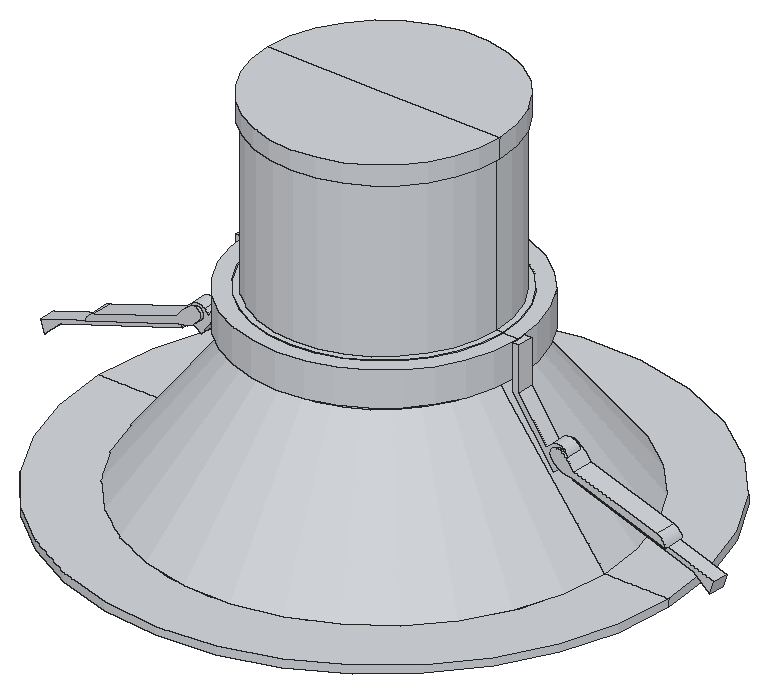
Revit family "Alcon-14123-8R-Revit-Family", category Lighting Fixtures, host Ceiling, Revit 2021
Family settings
  Host = Ceiling
  Round Connector Dimension = Use Diameter
  Part Type = Normal
  OmniClass Number = 23.80.70.11
  OmniClass Title = Luminaries for Internal Lighting
  Always vertical = Yes
  Cut with Voids When Loaded = No
  Light Source = Yes
  Shared = No
  Room Calculation Point = No
Parameters (values of type "Type 1")
  Wattage = 9.2903 W
  built-in parameter 1150110 = 1 (stored number, unit not read)
  built-in parameter 1114217 = 1 (stored number, unit not read)
  Tilt Angle = 60.00°
  built-in parameter 1150109 = 1 (stored number, unit not read)
  built-in parameter 1150134 = (empty or 0)
  built-in parameter 1150113 = 1 (stored number, unit not read)
  built-in parameter 1010507 = 1.5708 (stored number, unit not read)
  built-in parameter 1010506 = 0.5236 (stored number, unit not read)
  Product Identity = "Alcon Lighting 14123-8R"
  Manufacturer = "Alcon Light"
  Lumens = 1380 lm
  built-in parameter 1150115 = 1 (stored number, unit not read)
  built-in parameter 1150105 = 4614.1 (stored number, unit not read)
  Link To Product Page = "https://www.alconlighting.com/14123-8r.html"
  LightSource = none
  Light Source Symbol Length = 10' - 0"
  built-in parameter 1150137 = (empty or 0)
  built-in parameter 1150139 = (empty or 0)
  built-in parameter 1150112 = 1 (stored number, unit not read)
  built-in parameter 1150114 = 1 (stored number, unit not read)
  built-in parameter 1150132 = 2
  built-in parameter 1150102 = (empty or 0)
  built-in parameter 1150138 = (empty or 0)
  built-in parameter 1150107 = 3000 (stored number, unit not read)
  built-in parameter 1150106 = 46.141 (stored number, unit not read)
  Housing = none
  built-in parameter 1150104 = 13.8 (stored number, unit not read)
  Dimming Lamp Color Temperature Shift = <None>
  Default Elevation = 0' - 0"
  Color Filter = 16777215
  built-in parameter 1114218 = 1 (stored number, unit not read)
  built-in parameter 1150133 = 10 (stored number, unit not read)
Reference planes (in)
  plane 1 "Light Source Axis (F/B)": y = 0
  plane 2: z = 0
  plane 3 "Light Source Axis (L/R)": x = 0
  plane 4 "Ceiling": z = 157.79911
  plane 5 "Light Source Elevation": z = 157.10531
Forms (in)
  Revolve 1, solid, material <- "Housing"
    sketch origin (0, 0, 0) x (1, 0, 0) y (0, 0, 1)
      loop
        line (-4.61, 157.48031) -> (-4.61, 157.35531) -> (-3.49527, 157.35531) -> (-1.715, 159.63395) -> (-1.715, 160.00031) -> (-1.92838, 160.00031) -> (-1.92838, 160.39648) -> (-2.18252, 160.39648) -> (-2.18252, 159.85105) -> (-1.87735, 159.85105) -> (-1.87735, 159.65652) -> (-3.57758, 157.48031) -> (-4.61, 157.48031)
      axis (0, 160.39648) -> (0, 157.35531)
    angle from 0 to 360
  Extrusion 2, void
    sketch origin (0, 0, 157.79911) x (0, 1, 0) y (-1, 0, 0)
      loop
        circle (0, 0) r 4.61
    from -0.44379 to 2.59737
  Revolve 3, solid, material <- "Housing"
    sketch origin (0, 0, -5.45525) x (1, 0, 0) y (0, 0, 1)
      loop
        line (0, 165.45557) -> (0, 168.6529) -> (-1.87594, 168.6529) -> (-1.87594, 168.35173) -> (-1.82523, 168.35173) -> (-1.82523, 165.85173) -> (-1.92838, 165.85173) -> (-1.92838, 165.45557) -> (0, 165.45557)
      axis (0, 165.45557) -> (0, 168.6529)
    angle from 0 to 360
  Revolve 4, solid, material <- "LightSource"
    sketch origin (0, 0, -5.45525) x (1, 0, 0) y (0, 0, 1)
      loop
        line (0, 165.1929) -> (0, 165.45557) -> (-1.715, 165.45557) -> (-1.715, 165.1929) -> (0, 165.1929)
      axis (0, 165.1929) -> (0, 165.45557)
    angle from 0 to 360
  Extrusion 5, solid, material <- "Housing"
    sketch origin (-3.46114, 0, 0.52117) x (1, 0, 0) y (0, 0, 1)
      loop
        line (1.27862, 159.15923) -> (1.27862, 159.87531) -> (1.17207, 159.87531) -> (1.17207, 159.18686) -> (0.72848, 158.55335) -> (0.65806, 158.61407)
        arc (0.65806, 158.61407) -> (0.4232, 158.6012) -> (0.42711, 158.36602) r 0.16958
        line (0.42711, 158.36602) -> (0.60952, 158.23829) -> (1.27862, 159.15923)
    from -0.125 to 0.125
  Extrusion 6, solid, material <- "Housing"
    sketch origin (-152.17507, 0, 92.69058) x (0.425278, 0, -0.905063) y (0.905063, 0, 0.425278)
      loop
        arc (3.52314, 163.33393) -> (3.3916, 163.39128) -> (3.31577, 163.26946) r 0.10974
        arc (3.31577, 163.26946) -> (3.35544, 163.12014) -> (3.42507, 162.98221) r 0.74475
        line (3.42507, 162.98221) -> (3.24884, 161.58096)
        arc (3.24884, 161.58096) -> (3.26382, 161.47441) -> (3.33058, 161.39003) r 0.20555
        line (3.33058, 161.39003) -> (3.52851, 162.96384)
        arc (3.52851, 162.96384) -> (3.56648, 163.14948) -> (3.52314, 163.33393) r 0.44145
    from -0.16797 to 0.16797
  Extrusion 7, solid, material <- "Housing"
    sketch origin (-152.17507, 0, 92.69058) x (0.425278, 0, -0.905063) y (0.905063, 0, 0.425278)
      loop
        line (3.23187, 160.60521) -> (3.43732, 160.57937) -> (3.33711, 160.9106) -> (3.59546, 162.96481) -> (3.52851, 162.96384) -> (3.23187, 160.60521)
    from -0.125 to 0.125
  Extrusion 8, solid, material <- "Housing"
    sketch origin (3.46114, 0, 0.52117) x (-1, 0, 0) y (0, 0, -1)
      loop
        line (1.27862, -159.15923) -> (0.60952, -158.23829) -> (0.42711, -158.36602)
        arc (0.42711, -158.36602) -> (0.4232, -158.6012) -> (0.65806, -158.61407) r 0.16958
        line (0.65806, -158.61407) -> (0.72848, -158.55335) -> (1.17207, -159.18686) -> (1.17207, -159.87531) -> (1.27862, -159.87531) -> (1.27862, -159.15923)
    from -0.125 to 0.125
  Extrusion 9, solid, material <- "Housing"
    sketch origin (152.17507, 0, 92.69058) x (-0.425278, 0, -0.905063) y (0.905063, 0, -0.425278)
      loop
        arc (3.52314, -163.33393) -> (3.56648, -163.14948) -> (3.52851, -162.96384) r 0.44145
        line (3.52851, -162.96384) -> (3.33058, -161.39003)
        arc (3.33058, -161.39003) -> (3.26382, -161.47441) -> (3.24884, -161.58096) r 0.20555
        line (3.24884, -161.58096) -> (3.42507, -162.98221)
        arc (3.42507, -162.98221) -> (3.35544, -163.12014) -> (3.31577, -163.26946) r 0.74475
        arc (3.31577, -163.26946) -> (3.3916, -163.39128) -> (3.52314, -163.33393) r 0.10974
    from -0.16797 to 0.16797
  Extrusion 10, solid, material <- "Housing"
    sketch origin (152.17507, 0, 92.69058) x (-0.425278, 0, -0.905063) y (0.905063, 0, -0.425278)
      loop
        line (3.23187, -160.60521) -> (3.52851, -162.96384) -> (3.59546, -162.96481) -> (3.33711, -160.9106) -> (3.43732, -160.57937) -> (3.23187, -160.60521)
    from -0.125 to 0.125
Dimensions and locks (in)
  equal spacing: host sketch curve, plane 3 "Light Source Axis (L/R)", host sketch curve
  equal spacing: host sketch curve, plane 1 "Light Source Axis (F/B)", host sketch curve
  host sketch curve to host sketch curve = 13' - 1.48031"  (x2)
  host ceiling to plane 4 "Ceiling" = 0' - 0.31879"
  Revolve 1 to Revolve 1 = 0' - 9.22"
  aligned and locked: plane 1 "Light Source Axis (F/B)" to imposter light
